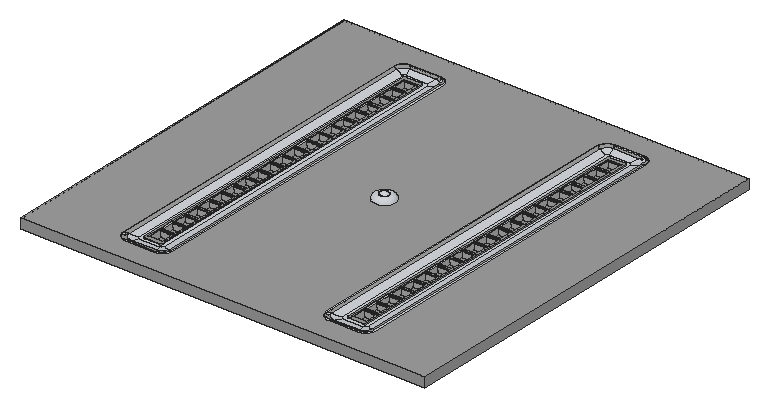
Revit family "0044019 Sylvania Lighting Fixture OptiClip 600 4000K C9 WH SSA WHITE", category Lighting Fixtures, host Face, Revit 2016 (continued)
Automatic sketch dimensions
  Blend 20 sketch curve to plane 55 = 0 mm
  Blend 20 sketch curve to plane 54 = 0 mm
  Blend 20 sketch curve to plane 73 = 0 mm
  Blend 20 sketch curve to plane 72 = 0 mm
  Blend 20 sketch curve to plane 77 = 0 mm
  Blend 20 sketch curve to plane 76 = 0 mm
  plane 55 to Blend 20 sketch curve = 4.7 mm
  Blend 20 sketch curve to plane 54 = 4.7 mm
  Blend 21 sketch curve to plane 72 = 0 mm
  Blend 21 sketch curve to plane 73 = 0 mm
  Blend 21 sketch curve to plane 56 = 0 mm
  Blend 21 sketch curve to plane 57 = 0.045 mm
  Blend 21 sketch curve to plane 77 = 0 mm
  Blend 21 sketch curve to plane 76 = 0 mm
  plane 57 to Blend 21 sketch curve = 4.655 mm
  Blend 21 sketch curve to plane 56 = 4.7 mm
  Blend 22 sketch curve to plane 72 = 0 mm
  Blend 22 sketch curve to plane 73 = 0 mm
  Blend 22 sketch curve to plane 58 = 0 mm
  plane 59 to Blend 22 sketch curve = 0.045 mm
  Blend 22 sketch curve to plane 77 = 0 mm
  Blend 22 sketch curve to plane 76 = 0 mm
  plane 59 to Blend 22 sketch curve = 4.745 mm
  Blend 22 sketch curve to plane 58 = 4.7 mm
  Blend 23 sketch curve to plane 61 = 0 mm
  Blend 23 sketch curve to plane 60 = 0 mm
  Blend 23 sketch curve to plane 73 = 0 mm
  Blend 23 sketch curve to plane 72 = 0 mm
  Blend 23 sketch curve to plane 77 = 0 mm
  Blend 23 sketch curve to plane 76 = 0 mm
  plane 61 to Blend 23 sketch curve = 4.7 mm
  Blend 23 sketch curve to plane 60 = 4.7 mm
  Blend 24 sketch curve to plane 63 = 0 mm
  Blend 24 sketch curve to plane 62 = 0 mm
  Blend 24 sketch curve to plane 73 = 0 mm
  Blend 24 sketch curve to plane 72 = 0 mm
  Blend 24 sketch curve to plane 77 = 0 mm
  Blend 24 sketch curve to plane 76 = 0 mm
  plane 63 to Blend 24 sketch curve = 4.7 mm
  Blend 24 sketch curve to plane 62 = 4.7 mm
  Blend 25 sketch curve to plane 65 = 0 mm
  Blend 25 sketch curve to plane 64 = 0 mm
  Blend 25 sketch curve to plane 73 = 0 mm
  Blend 25 sketch curve to plane 72 = 0 mm
  Blend 25 sketch curve to plane 77 = 0 mm
  Blend 25 sketch curve to plane 76 = 0 mm
  plane 65 to Blend 25 sketch curve = 4.7 mm
  Blend 25 sketch curve to plane 64 = 4.7 mm
  Extrusion 26 sketch curve to plane 75 = 0 mm
  Extrusion 26 sketch curve to plane 77 = 0 mm
  Extrusion 26 sketch curve to plane 76 = 0 mm
  Extrusion 26 sketch curve to plane 74 = 0 mm
  Extrusion 27 sketch curve to plane 77 = 0 mm
  Extrusion 27 sketch curve to plane 76 = 0 mm
  plane 33 to Extrusion 27 sketch curve = 4.7 mm
  Extrusion 27 sketch curve to plane 32 = 4.7 mm
  Extrusion 28 sketch curve to plane 77 = 0 mm
  Extrusion 28 sketch curve to plane 76 = 0 mm
  plane 35 to Extrusion 28 sketch curve = 4.655 mm
  Extrusion 28 sketch curve to plane 34 = 4.7 mm
  Extrusion 29 sketch curve to plane 77 = 0 mm
  Extrusion 29 sketch curve to plane 76 = 0 mm
  plane 37 to Extrusion 29 sketch curve = 4.745 mm
  Extrusion 29 sketch curve to plane 36 = 4.7 mm
  Extrusion 30 sketch curve to plane 77 = 0 mm
  Extrusion 30 sketch curve to plane 76 = 0 mm
  plane 39 to Extrusion 30 sketch curve = 4.7 mm
  Extrusion 30 sketch curve to plane 38 = 4.7 mm
  Extrusion 31 sketch curve to plane 77 = 0 mm
  Extrusion 31 sketch curve to plane 76 = 0 mm
  plane 41 to Extrusion 31 sketch curve = 4.7 mm
  Extrusion 31 sketch curve to plane 40 = 4.7 mm
  Extrusion 32 sketch curve to plane 77 = 0 mm
  Extrusion 32 sketch curve to plane 76 = 0 mm
  plane 43 to Extrusion 32 sketch curve = 4.7 mm
  Extrusion 32 sketch curve to plane 42 = 4.7 mm
  Extrusion 33 sketch curve to plane 77 = 0 mm
  Extrusion 33 sketch curve to plane 76 = 0 mm
  plane 45 to Extrusion 33 sketch curve = 4.674 mm
  Extrusion 33 sketch curve to plane 44 = 4.7 mm
  Extrusion 34 sketch curve to plane 77 = 0 mm
  Extrusion 34 sketch curve to plane 76 = 0 mm
  plane 47 to Extrusion 34 sketch curve = 4.726 mm
  Extrusion 34 sketch curve to plane 46 = 4.7 mm
  Extrusion 35 sketch curve to plane 77 = 0 mm
  Extrusion 35 sketch curve to plane 76 = 0 mm
  plane 49 to Extrusion 35 sketch curve = 4.7 mm
  Extrusion 35 sketch curve to plane 48 = 4.7 mm
  Extrusion 36 sketch curve to plane 77 = 0 mm
  Extrusion 36 sketch curve to plane 76 = 0 mm
  plane 51 to Extrusion 36 sketch curve = 4.7 mm
  Extrusion 36 sketch curve to plane 50 = 4.7 mm
  Extrusion 37 sketch curve to plane 77 = 0 mm
  Extrusion 37 sketch curve to plane 76 = 0 mm
  plane 53 to Extrusion 37 sketch curve = 4.7 mm
  Extrusion 37 sketch curve to plane 52 = 4.7 mm
  Extrusion 38 sketch curve to plane 77 = 0 mm
  Extrusion 38 sketch curve to plane 76 = 0 mm
  plane 55 to Extrusion 38 sketch curve = 4.7 mm
  Extrusion 38 sketch curve to plane 54 = 4.7 mm
  Extrusion 39 sketch curve to plane 77 = 0 mm
  Extrusion 39 sketch curve to plane 76 = 0 mm
  plane 57 to Extrusion 39 sketch curve = 4.655 mm
  Extrusion 39 sketch curve to plane 56 = 4.7 mm
  Extrusion 40 sketch curve to plane 77 = 0 mm
  Extrusion 40 sketch curve to plane 76 = 0 mm
  plane 59 to Extrusion 40 sketch curve = 4.745 mm
  Extrusion 40 sketch curve to plane 58 = 4.7 mm
  Extrusion 41 sketch curve to plane 77 = 0 mm
  Extrusion 41 sketch curve to plane 76 = 0 mm
  plane 61 to Extrusion 41 sketch curve = 4.7 mm
  Extrusion 41 sketch curve to plane 60 = 4.7 mm
  Extrusion 42 sketch curve to plane 77 = 0 mm
  Extrusion 42 sketch curve to plane 76 = 0 mm
  plane 63 to Extrusion 42 sketch curve = 4.7 mm
  Extrusion 42 sketch curve to plane 62 = 4.7 mm
  Extrusion 43 sketch curve to plane 77 = 0 mm
  Extrusion 43 sketch curve to plane 76 = 0 mm
  plane 65 to Extrusion 43 sketch curve = 4.7 mm
  Extrusion 43 sketch curve to plane 64 = 4.7 mm
  Extrusion 44 sketch curve to plane 77 = 0 mm
  Extrusion 44 sketch curve to plane 76 = 0 mm
  plane 67 to Extrusion 44 sketch curve = 4.7 mm
  Extrusion 44 sketch curve to plane 66 = 4.7 mm
  Extrusion 45 sketch curve to plane 77 = 0 mm
  Extrusion 45 sketch curve to plane 76 = 0 mm
  plane 69 to Extrusion 45 sketch curve = 4.7 mm
  Extrusion 45 sketch curve to plane 68 = 4.7 mm
  Extrusion 46 sketch curve to plane 77 = 0 mm
  Extrusion 46 sketch curve to plane 76 = 0 mm
  plane 71 to Extrusion 46 sketch curve = 4.7 mm
  Extrusion 46 sketch curve to plane 70 = 4.7 mm
  plane 25 to Blend 47 sketch curve = 2.5 mm  (x2)
  plane 3 "Center (Left/Right)" to Blend 47 sketch curve = 114 mm
  Blend 47 sketch curve to plane 24 = 1 mm
  Blend 47 sketch curve to Blend 47 sketch curve = 15 mm  (x2)
  Blend 47 sketch curve to Blend 47 sketch curve = 42 mm  (x2)
  plane 20 to Blend 47 sketch curve = 0 mm
  plane 80 to Blend 47 sketch curve = 2 mm  (x2)
  plane 3 "Center (Left/Right)" to Blend 47 sketch curve = 130.5 mm
  plane 25 to Blend 47 sketch curve = 1 mm
  Blend 47 sketch curve to plane 81 = 2.155 mm
  Blend 47 sketch curve to Blend 47 sketch curve = 4 mm
  Blend 47 sketch curve to Blend 47 sketch curve = 30.692 mm
  Blend 47 sketch curve to Blend 47 sketch curve = 0.297 mm
  Blend 47 sketch curve to plane 81 = 2.222 mm
  Blend 47 sketch curve to Blend 47 sketch curve = 3.933 mm
  plane 24 to Blend 48 sketch curve = 0 mm
  plane 22 to Blend 48 sketch curve = 0 mm
  Blend 48 sketch curve to plane 20 = 1.5 mm  (x2)
  plane 25 to Blend 48 sketch curve = 2.5 mm  (x2)
  Blend 48 sketch curve to plane 10 = 110 mm
  Blend 48 sketch curve to Blend 48 sketch curve = 42 mm
  plane 26 to Blend 48 sketch curve = 0 mm
  plane 25 to Blend 48 sketch curve = 0 mm
  Blend 48 sketch curve to plane 81 = 2.155 mm  (x2)
  Blend 48 sketch curve to plane 81 = 2.066 mm
  plane 80 to Blend 48 sketch curve = 2 mm  (x2)
  Blend 48 sketch curve to plane 10 = 126.5 mm
  Blend 48 sketch curve to Blend 48 sketch curve = 3.014 mm
  Blend 48 sketch curve to Blend 48 sketch curve = 31.034 mm
  Blend 48 sketch curve to Blend 48 sketch curve = 30.692 mm
  plane 30 to Extrusion 49 sketch curve = 0 mm
  plane 29 to Extrusion 49 sketch curve = 0 mm
  plane 3 "Center (Left/Right)" to Extrusion 49 sketch curve = 140 mm
  Extrusion 49 sketch curve to Extrusion 49 sketch curve = 22 mm
  Blend 50 sketch curve to plane 67 = 0 mm
  Blend 50 sketch curve to plane 66 = 0 mm
  Blend 50 sketch curve to plane 73 = 0 mm
  Blend 50 sketch curve to plane 72 = 0 mm
  Blend 50 sketch curve to plane 77 = 0 mm
  Blend 50 sketch curve to plane 76 = 0 mm
  plane 67 to Blend 50 sketch curve = 4.7 mm
  Blend 50 sketch curve to plane 66 = 4.7 mm
  Blend 51 sketch curve to plane 69 = 0 mm
  Blend 51 sketch curve to plane 68 = 0 mm
  Blend 51 sketch curve to plane 73 = 0 mm
  Blend 51 sketch curve to plane 72 = 0 mm
  Blend 51 sketch curve to plane 77 = 0 mm
  Blend 51 sketch curve to plane 76 = 0 mm
  plane 69 to Blend 51 sketch curve = 4.7 mm
  Blend 51 sketch curve to plane 68 = 4.7 mm
  Blend 52 sketch curve to plane 71 = 0 mm
  Blend 52 sketch curve to plane 70 = 0 mm
  Blend 52 sketch curve to plane 73 = 0 mm
  Blend 52 sketch curve to plane 72 = 0 mm
  Blend 52 sketch curve to plane 77 = 0 mm
  Blend 52 sketch curve to plane 76 = 0 mm
  plane 71 to Blend 52 sketch curve = 4.7 mm
  Blend 52 sketch curve to plane 70 = 4.7 mm
  plane 82 to Extrusion 53 sketch curve = 0 mm  (x2)
  Extrusion 53 sketch curve to plane 80 = 0 mm
  plane 81 to Extrusion 53 sketch curve = 0 mm
  plane 3 "Center (Left/Right)" to Extrusion 53 sketch curve = 137.5 mm
  Extrusion 53 sketch curve to plane 30 = 1.726 mm
  Extrusion 53 sketch curve to Extrusion 53 sketch curve = 2.284 mm
  Extrusion 53 sketch curve to Extrusion 53 sketch curve = 22 mm
  Extrusion 53 sketch curve to plane 30 = 1.536 mm
  Extrusion 53 sketch curve to Extrusion 53 sketch curve = 2.456 mm
  plane 31 to Blend 54 sketch curve = 0 mm
  Blend 54 sketch curve to plane 29 = 1.75 mm
  Blend 54 sketch curve to plane 10 = 133.539 mm
  Blend 54 sketch curve to Blend 54 sketch curve = 20.961 mm
  plane 75 to Blend 54 sketch curve = 0 mm
  plane 74 to Blend 54 sketch curve = 0 mm
  Blend 54 sketch curve to plane 10 = 138.039 mm
  Blend 54 sketch curve to Blend 54 sketch curve = 11.961 mm
  plane 33 to Blend 55 sketch curve = 0 mm
  plane 32 to Blend 55 sketch curve = 0 mm
  Blend 55 sketch curve to plane 10 = 133.539 mm
  Blend 55 sketch curve to Blend 55 sketch curve = 20.961 mm
  plane 33 to Blend 55 sketch curve = 4.7 mm
  Blend 55 sketch curve to plane 32 = 4.7 mm
  Blend 55 sketch curve to plane 10 = 138.039 mm
  Blend 55 sketch curve to Blend 55 sketch curve = 11.961 mm
  plane 34 to Blend 56 sketch curve = 0 mm
  Blend 56 sketch curve to plane 35 = 0.045 mm
  Blend 56 sketch curve to plane 10 = 133.539 mm
  Blend 56 sketch curve to Blend 56 sketch curve = 20.961 mm
  plane 35 to Blend 56 sketch curve = 4.655 mm
  Blend 56 sketch curve to plane 34 = 4.7 mm
  Blend 56 sketch curve to plane 10 = 138.039 mm
  Blend 56 sketch curve to Blend 56 sketch curve = 11.961 mm
  plane 36 to Blend 57 sketch curve = 0 mm
  plane 37 to Blend 57 sketch curve = 0.045 mm
  Blend 57 sketch curve to plane 10 = 133.539 mm
  Blend 57 sketch curve to Blend 57 sketch curve = 20.961 mm
  plane 37 to Blend 57 sketch curve = 4.745 mm
  Blend 57 sketch curve to plane 36 = 4.7 mm
  Blend 57 sketch curve to plane 10 = 138.039 mm
  Blend 57 sketch curve to Blend 57 sketch curve = 11.961 mm
  plane 39 to Blend 58 sketch curve = 0 mm
  plane 38 to Blend 58 sketch curve = 0 mm
  Blend 58 sketch curve to plane 10 = 133.539 mm
  Blend 58 sketch curve to Blend 58 sketch curve = 20.961 mm
  plane 39 to Blend 58 sketch curve = 4.7 mm
  Blend 58 sketch curve to plane 38 = 4.7 mm
  Blend 58 sketch curve to plane 10 = 138.039 mm
  Blend 58 sketch curve to Blend 58 sketch curve = 11.961 mm
  plane 41 to Blend 59 sketch curve = 0 mm
  plane 40 to Blend 59 sketch curve = 0 mm
  Blend 59 sketch curve to plane 10 = 133.539 mm
  Blend 59 sketch curve to Blend 59 sketch curve = 20.961 mm
  plane 41 to Blend 59 sketch curve = 4.7 mm
  Blend 59 sketch curve to plane 40 = 4.7 mm
  Blend 59 sketch curve to plane 10 = 138.039 mm
  Blend 59 sketch curve to Blend 59 sketch curve = 11.961 mm
  plane 43 to Blend 60 sketch curve = 0 mm
  plane 42 to Blend 60 sketch curve = 0 mm
  Blend 60 sketch curve to plane 10 = 133.539 mm
  Blend 60 sketch curve to Blend 60 sketch curve = 20.961 mm
  plane 43 to Blend 60 sketch curve = 4.7 mm
  Blend 60 sketch curve to plane 42 = 4.7 mm
  Blend 60 sketch curve to plane 10 = 138.039 mm
  Blend 60 sketch curve to Blend 60 sketch curve = 11.961 mm
  plane 44 to Blend 61 sketch curve = 0 mm
  Blend 61 sketch curve to plane 45 = 0.026 mm
  Blend 61 sketch curve to plane 10 = 133.539 mm
  Blend 61 sketch curve to Blend 61 sketch curve = 20.961 mm
  plane 45 to Blend 61 sketch curve = 4.674 mm
  Blend 61 sketch curve to plane 44 = 4.7 mm
  Blend 61 sketch curve to plane 10 = 138.039 mm
  Blend 61 sketch curve to Blend 61 sketch curve = 11.961 mm
  plane 46 to Blend 62 sketch curve = 0 mm
  plane 47 to Blend 62 sketch curve = 0.026 mm
  Blend 62 sketch curve to plane 10 = 133.539 mm
  Blend 62 sketch curve to Blend 62 sketch curve = 20.961 mm
  plane 47 to Blend 62 sketch curve = 4.726 mm
  Blend 62 sketch curve to plane 46 = 4.7 mm
  Blend 62 sketch curve to plane 10 = 138.039 mm
  Blend 62 sketch curve to Blend 62 sketch curve = 11.961 mm
  plane 49 to Blend 63 sketch curve = 0 mm
  plane 48 to Blend 63 sketch curve = 0 mm
  Blend 63 sketch curve to plane 10 = 133.539 mm
  Blend 63 sketch curve to Blend 63 sketch curve = 20.961 mm
  plane 49 to Blend 63 sketch curve = 4.7 mm
  Blend 63 sketch curve to plane 48 = 4.7 mm
  Blend 63 sketch curve to plane 10 = 138.039 mm
  Blend 63 sketch curve to Blend 63 sketch curve = 11.961 mm
  plane 51 to Blend 64 sketch curve = 0 mm
  plane 50 to Blend 64 sketch curve = 0 mm
  Blend 64 sketch curve to plane 10 = 133.539 mm
  Blend 64 sketch curve to Blend 64 sketch curve = 20.961 mm
  plane 51 to Blend 64 sketch curve = 4.7 mm
  Blend 64 sketch curve to plane 50 = 4.7 mm
  Blend 64 sketch curve to plane 10 = 138.039 mm
  Blend 64 sketch curve to Blend 64 sketch curve = 11.961 mm
  plane 53 to Blend 65 sketch curve = 0 mm
  plane 52 to Blend 65 sketch curve = 0 mm
  Blend 65 sketch curve to plane 10 = 133.539 mm
  Blend 65 sketch curve to Blend 65 sketch curve = 20.961 mm
  plane 53 to Blend 65 sketch curve = 4.7 mm
  Blend 65 sketch curve to plane 52 = 4.7 mm
  Blend 65 sketch curve to plane 10 = 138.039 mm
  Blend 65 sketch curve to Blend 65 sketch curve = 11.961 mm
  plane 55 to Blend 66 sketch curve = 0 mm
  plane 54 to Blend 66 sketch curve = 0 mm
  Blend 66 sketch curve to plane 10 = 133.539 mm
  Blend 66 sketch curve to Blend 66 sketch curve = 20.961 mm
  plane 55 to Blend 66 sketch curve = 4.7 mm
  Blend 66 sketch curve to plane 54 = 4.7 mm
  Blend 66 sketch curve to plane 10 = 138.039 mm
  Blend 66 sketch curve to Blend 66 sketch curve = 11.961 mm
  plane 56 to Blend 67 sketch curve = 0 mm
  Blend 67 sketch curve to plane 57 = 0.045 mm
  Blend 67 sketch curve to plane 10 = 133.539 mm
  Blend 67 sketch curve to Blend 67 sketch curve = 20.961 mm
  plane 57 to Blend 67 sketch curve = 4.655 mm
  Blend 67 sketch curve to plane 56 = 4.7 mm
  Blend 67 sketch curve to plane 10 = 138.039 mm
  Blend 67 sketch curve to Blend 67 sketch curve = 11.961 mm
  plane 58 to Blend 68 sketch curve = 0 mm
  plane 59 to Blend 68 sketch curve = 0.045 mm
  Blend 68 sketch curve to plane 10 = 133.539 mm
  Blend 68 sketch curve to Blend 68 sketch curve = 20.961 mm
  plane 59 to Blend 68 sketch curve = 4.745 mm
  Blend 68 sketch curve to plane 58 = 4.7 mm
  Blend 68 sketch curve to plane 10 = 138.039 mm
  Blend 68 sketch curve to Blend 68 sketch curve = 11.961 mm
  plane 61 to Blend 69 sketch curve = 0 mm
  plane 60 to Blend 69 sketch curve = 0 mm
  Blend 69 sketch curve to plane 10 = 133.539 mm
  Blend 69 sketch curve to Blend 69 sketch curve = 20.961 mm
  plane 61 to Blend 69 sketch curve = 4.7 mm
  Blend 69 sketch curve to plane 60 = 4.7 mm
  Blend 69 sketch curve to plane 10 = 138.039 mm
  Blend 69 sketch curve to Blend 69 sketch curve = 11.961 mm
  plane 63 to Blend 70 sketch curve = 0 mm
  plane 62 to Blend 70 sketch curve = 0 mm
  Blend 70 sketch curve to plane 10 = 133.539 mm
  Blend 70 sketch curve to Blend 70 sketch curve = 20.961 mm
  plane 63 to Blend 70 sketch curve = 4.7 mm
  Blend 70 sketch curve to plane 62 = 4.7 mm
  Blend 70 sketch curve to plane 10 = 138.039 mm
  Blend 70 sketch curve to Blend 70 sketch curve = 11.961 mm
  plane 65 to Blend 71 sketch curve = 0 mm
  plane 64 to Blend 71 sketch curve = 0 mm
  Blend 71 sketch curve to plane 10 = 133.539 mm
  Blend 71 sketch curve to Blend 71 sketch curve = 20.961 mm
  plane 65 to Blend 71 sketch curve = 4.7 mm
  Blend 71 sketch curve to plane 64 = 4.7 mm
  Blend 71 sketch curve to plane 10 = 138.039 mm
  Blend 71 sketch curve to Blend 71 sketch curve = 11.961 mm
  plane 67 to Blend 72 sketch curve = 0 mm
  plane 66 to Blend 72 sketch curve = 0 mm
  Blend 72 sketch curve to plane 10 = 133.539 mm
  Blend 72 sketch curve to Blend 72 sketch curve = 20.961 mm
  plane 67 to Blend 72 sketch curve = 4.7 mm
  Blend 72 sketch curve to plane 66 = 4.7 mm
  Blend 72 sketch curve to plane 10 = 138.039 mm
  Blend 72 sketch curve to Blend 72 sketch curve = 11.961 mm
  plane 69 to Blend 73 sketch curve = 0 mm
  plane 68 to Blend 73 sketch curve = 0 mm
  Blend 73 sketch curve to plane 10 = 133.539 mm
  Blend 73 sketch curve to Blend 73 sketch curve = 20.961 mm
  plane 69 to Blend 73 sketch curve = 4.7 mm
  Blend 73 sketch curve to plane 68 = 4.7 mm
  Blend 73 sketch curve to plane 10 = 138.039 mm
  Blend 73 sketch curve to Blend 73 sketch curve = 11.961 mm
  plane 71 to Blend 74 sketch curve = 0 mm
  plane 70 to Blend 74 sketch curve = 0 mm
  Blend 74 sketch curve to plane 10 = 133.539 mm
  Blend 74 sketch curve to Blend 74 sketch curve = 20.961 mm
  plane 71 to Blend 74 sketch curve = 4.7 mm
  Blend 74 sketch curve to plane 70 = 4.7 mm
  Blend 74 sketch curve to plane 10 = 138.039 mm
  Blend 74 sketch curve to Blend 74 sketch curve = 11.961 mm
  plane 75 to Extrusion 75 sketch curve = 0 mm
  plane 74 to Extrusion 75 sketch curve = 0 mm
  plane 3 "Center (Left/Right)" to Extrusion 75 sketch curve = 145 mm
  Extrusion 75 sketch curve to Extrusion 75 sketch curve = 11.961 mm
  plane 33 to Extrusion 76 sketch curve = 4.7 mm
  plane 3 "Center (Left/Right)" to Extrusion 76 sketch curve = 145 mm
  Extrusion 76 sketch curve to Extrusion 76 sketch curve = 11.961 mm
  Extrusion 76 sketch curve to plane 32 = 4.7 mm
  plane 35 to Extrusion 77 sketch curve = 4.655 mm
  plane 3 "Center (Left/Right)" to Extrusion 77 sketch curve = 145 mm
  Extrusion 77 sketch curve to Extrusion 77 sketch curve = 11.961 mm
  Extrusion 77 sketch curve to plane 34 = 4.7 mm
  plane 37 to Extrusion 78 sketch curve = 4.745 mm
  plane 3 "Center (Left/Right)" to Extrusion 78 sketch curve = 145 mm
  Extrusion 78 sketch curve to Extrusion 78 sketch curve = 11.961 mm
  Extrusion 78 sketch curve to plane 36 = 4.7 mm
  plane 39 to Extrusion 79 sketch curve = 4.7 mm
  plane 3 "Center (Left/Right)" to Extrusion 79 sketch curve = 145 mm
  Extrusion 79 sketch curve to Extrusion 79 sketch curve = 11.961 mm
  Extrusion 79 sketch curve to plane 38 = 4.7 mm
  plane 41 to Extrusion 80 sketch curve = 4.7 mm
  plane 3 "Center (Left/Right)" to Extrusion 80 sketch curve = 145 mm
  Extrusion 80 sketch curve to Extrusion 80 sketch curve = 11.961 mm
  Extrusion 80 sketch curve to plane 40 = 4.7 mm
  plane 43 to Extrusion 81 sketch curve = 4.7 mm
  plane 3 "Center (Left/Right)" to Extrusion 81 sketch curve = 145 mm
  Extrusion 81 sketch curve to Extrusion 81 sketch curve = 11.961 mm
  Extrusion 81 sketch curve to plane 42 = 4.7 mm
  plane 45 to Extrusion 82 sketch curve = 4.674 mm
  plane 3 "Center (Left/Right)" to Extrusion 82 sketch curve = 145 mm
  Extrusion 82 sketch curve to Extrusion 82 sketch curve = 11.961 mm
  Extrusion 82 sketch curve to plane 44 = 4.7 mm
  plane 47 to Extrusion 83 sketch curve = 4.726 mm
  plane 3 "Center (Left/Right)" to Extrusion 83 sketch curve = 145 mm
  Extrusion 83 sketch curve to Extrusion 83 sketch curve = 11.961 mm
  Extrusion 83 sketch curve to plane 46 = 4.7 mm
  plane 49 to Extrusion 84 sketch curve = 4.7 mm
  plane 3 "Center (Left/Right)" to Extrusion 84 sketch curve = 145 mm
  Extrusion 84 sketch curve to Extrusion 84 sketch curve = 11.961 mm
  Extrusion 84 sketch curve to plane 48 = 4.7 mm
  plane 51 to Extrusion 85 sketch curve = 4.7 mm
  plane 3 "Center (Left/Right)" to Extrusion 85 sketch curve = 145 mm
  Extrusion 85 sketch curve to Extrusion 85 sketch curve = 11.961 mm
  Extrusion 85 sketch curve to plane 50 = 4.7 mm
  plane 53 to Extrusion 86 sketch curve = 4.7 mm
  plane 3 "Center (Left/Right)" to Extrusion 86 sketch curve = 145 mm
  Extrusion 86 sketch curve to Extrusion 86 sketch curve = 11.961 mm
  Extrusion 86 sketch curve to plane 52 = 4.7 mm
  plane 55 to Extrusion 87 sketch curve = 4.7 mm
  plane 3 "Center (Left/Right)" to Extrusion 87 sketch curve = 145 mm
  Extrusion 87 sketch curve to Extrusion 87 sketch curve = 11.961 mm
  Extrusion 87 sketch curve to plane 54 = 4.7 mm
  plane 57 to Extrusion 88 sketch curve = 4.655 mm
  plane 3 "Center (Left/Right)" to Extrusion 88 sketch curve = 145 mm
  Extrusion 88 sketch curve to Extrusion 88 sketch curve = 11.961 mm
  Extrusion 88 sketch curve to plane 56 = 4.7 mm
  plane 59 to Extrusion 89 sketch curve = 4.745 mm
  plane 3 "Center (Left/Right)" to Extrusion 89 sketch curve = 145 mm
  Extrusion 89 sketch curve to Extrusion 89 sketch curve = 11.961 mm
  Extrusion 89 sketch curve to plane 58 = 4.7 mm
  plane 61 to Extrusion 90 sketch curve = 4.7 mm
  plane 3 "Center (Left/Right)" to Extrusion 90 sketch curve = 145 mm
  Extrusion 90 sketch curve to Extrusion 90 sketch curve = 11.961 mm
  Extrusion 90 sketch curve to plane 60 = 4.7 mm
  plane 63 to Extrusion 91 sketch curve = 4.7 mm
  plane 3 "Center (Left/Right)" to Extrusion 91 sketch curve = 145 mm
  Extrusion 91 sketch curve to Extrusion 91 sketch curve = 11.961 mm
  Extrusion 91 sketch curve to plane 62 = 4.7 mm
  plane 65 to Extrusion 92 sketch curve = 4.7 mm
  plane 3 "Center (Left/Right)" to Extrusion 92 sketch curve = 145 mm
  Extrusion 92 sketch curve to Extrusion 92 sketch curve = 11.961 mm
  Extrusion 92 sketch curve to plane 64 = 4.7 mm
  plane 67 to Extrusion 93 sketch curve = 4.7 mm
  plane 3 "Center (Left/Right)" to Extrusion 93 sketch curve = 145 mm
  Extrusion 93 sketch curve to Extrusion 93 sketch curve = 11.961 mm
  Extrusion 93 sketch curve to plane 66 = 4.7 mm
  plane 69 to Extrusion 94 sketch curve = 4.7 mm
  plane 3 "Center (Left/Right)" to Extrusion 94 sketch curve = 145 mm
  Extrusion 94 sketch curve to Extrusion 94 sketch curve = 11.961 mm
  Extrusion 94 sketch curve to plane 68 = 4.7 mm
  plane 71 to Extrusion 95 sketch curve = 4.7 mm
  plane 3 "Center (Left/Right)" to Extrusion 95 sketch curve = 145 mm
  Extrusion 95 sketch curve to Extrusion 95 sketch curve = 11.961 mm
  Extrusion 95 sketch curve to plane 70 = 4.7 mm
  Extrusion 96 sketch curve to plane 7 = 0 mm
  plane 8 to Extrusion 96 sketch curve = 0 mm
  plane 6 to Extrusion 96 sketch curve = 0 mm
  plane 5 to Extrusion 96 sketch curve = 0 mm
  Revolve 97 sketch curve to plane 3 "Center (Left/Right)" = 0 mm  (x2)
  Revolve 97 sketch curve to level = 0 mm  (x2)
  Revolve 97 sketch curve to plane 83 = 0 mm  (x2)
  Revolve 97 sketch curve to plane 84 = 0 mm
  Revolve 97 sketch curve to plane 85 = 0 mm
  plane 84 to Revolve 97 sketch curve = 0.074 mm
  Revolve 98 sketch curve to plane 3 "Center (Left/Right)" = 0 mm  (x2)
  Revolve 98 sketch curve to plane 83 = 0 mm
  Revolve 98 sketch curve to plane 87 = 0 mm
  Revolve 98 sketch curve to plane 86 = 0 mm
  Revolve 98 sketch curve to plane 3 "Center (Left/Right)" = 0.185 mm
  Revolve 98 sketch curve to plane 83 = 0.917 mm
  Revolve 98 sketch curve to Revolve 98 sketch curve = 2.82 mm
  Revolve 99 sketch curve to plane 3 "Center (Left/Right)" = 0 mm  (x2)
  Revolve 99 sketch curve to plane 13 = 0 mm
  Revolve 99 sketch curve to plane 88 = 0 mm
  Revolve 99 sketch curve to plane 89 = 0 mm
  Revolve 99 sketch curve to plane 89 = 5.716 mm
  Revolve 99 sketch curve to Revolve 99 sketch curve = 1.156 mm
  Revolve 100 sketch curve to plane 3 "Center (Left/Right)" = 0 mm  (x2)
  plane 84 to Revolve 100 sketch curve = 0 mm
  Revolve 100 sketch curve to plane 91 = 0 mm
  Revolve 100 sketch curve to plane 89 = 0 mm
  Revolve 100 sketch curve to plane 91 = 12.591 mm
  plane 13 to Revolve 100 sketch curve = 6.148 mm
Connectors
  electrical at (0, 0, -1.008)
    settings: on cut or joined group of Extrusion 2, Extrusion 3, Blend 5, Blend 48, index 1, voltage 0 V, apparent load 0 VA, apparent load phase1 0 VA, apparent load phase2 0 VA, apparent load phase3 0 VA, power factor 1, load classification "Other", number of poles 1, system type 31, power factor state 1, is connector primary yes, connector utility no, sub classification motor no, connector description ""
